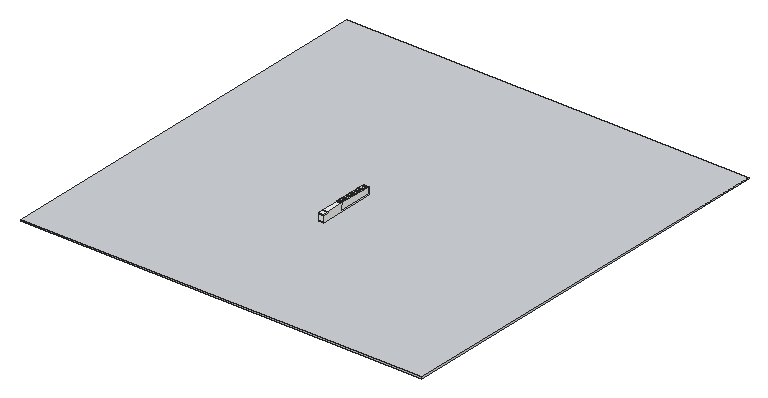
Revit family "Zumtobel SUI TG6", category Lighting Fixtures, host Face, Revit 2018
Family settings
  Host = Face
  Round Connector Dimension = Use Diameter
  Part Type = Normal
  OmniClass Number = 23.80.70.11
  OmniClass Title = Luminaries for Internal Lighting
  Cut with Voids When Loaded = No
  Light Source = Yes
  Shared = No
  Room Calculation Point = No
Parameters (values of type "SUI TG6 1000-940 LDO 3CY WWB BK WH")
  Width = 35 mm  # constant formula
  Wattage Comments = ""
  Wattage = 6.72537 W
  built-in parameter 1150110 = 1 (stored number, unit not read)
  Voltage = 230 V
  URL = "http://www.zumtobel.com/60211067"
  Type Comments = "© Zumtobel. We reserve the right to make technical changes without prior notice."  # constant formula
  built-in parameter 1114217 = 1 (stored number, unit not read)
  Tilt Angle = -90.00°  # constant formula
  built-in parameter 1150109 = 1 (stored number, unit not read)
  built-in parameter 1150134 = 12
  built-in parameter 1150113 = 1 (stored number, unit not read)
  Rotation [instance] = 0.00°
  Photometric Web File = "60211067_(STD_LEO).IES"
  Offset from Level [instance] = 0 mm
  Model = "60211067"
  Manufacturer = "Zumtobel Lighting"  # constant formula
  built-in parameter 1150105 = 947.25 (stored number, unit not read)
  Lumens = 999 lm
  built-in parameter 1150115 = 1 (stored number, unit not read)
  built-in parameter 1150137 = (empty or 0)
  built-in parameter 1150139 = (empty or 0)
  Length = 398 mm  # constant formula
  built-in parameter 1150112 = 1 (stored number, unit not read)
  built-in parameter 1150114 = 1 (stored number, unit not read)
  Lamp = "LED"
  built-in parameter 1150132 = 2
  built-in parameter 1150102 = (empty or 0)
  built-in parameter 1150107 = 4000 (stored number, unit not read)
  built-in parameter 1150138 = (empty or 0)
  built-in parameter 1150106 = 9.4725 (stored number, unit not read)
  Height = 79 mm  # constant formula
  built-in parameter 1150104 = 13.8 (stored number, unit not read)
  Dimming Lamp Color Temperature Shift = <None>
  Description = "LED luminaire"  # constant formula
  Default Elevation = 0 mm
  Reflector [instance] = Zumtobel_Metal_White
  Color Filter = 16777215
  Body [instance] = Zumtobel_Metal_White
  built-in parameter 1114218 = 1 (stored number, unit not read)
  built-in parameter 1150133 = 10 (stored number, unit not read)
  Assembly Code = "D5020200"
  Apparent Load = 21 VA
Types (4, lengths in mm): name | Wattage | URL | built-in parameter 1150134 | Rotation | Photometric Web File | Model | built-in parameter 1150105 | Lumens | built-in parameter 1150107 | built-in parameter 1150106 | Reflector | Apparent Load
  SUI TSG6 1700-930 LDO 3CY FL BK BK | 11.4446 W | "http://www.zumtobel.com/60211090" | (empty or 0) | 15.00° | "60211090_(STD_LEO).IES" | "60211090" | 135.28 (stored number, unit not read) | 1700 lm | 3000 (stored number, unit not read) | 1.3528 (stored number, unit not read) | Zumtobel_Metal_Black | 21 VA
  SUI TG6 1000-940 LDO 3CY WWB BK WH | 6.72537 W | "http://www.zumtobel.com/60211067" | 12 | 0.00° | "60211067_(STD_LEO).IES" | "60211067" | 947.25 (stored number, unit not read) | 999 lm | 4000 (stored number, unit not read) | 9.4725 (stored number, unit not read) | Zumtobel_Metal_White | 21 VA
  SUI TSG6 1700-930 SWI 3CV FL BK WH | 12.1178 W | "http://www.zumtobel.com/60211039" | (empty or 0) | 15.00° | "60211039_(STD_LEO).IES" | "60211039" | 143.24 (stored number, unit not read) | 1800 lm | 3000 (stored number, unit not read) | 1.4324 (stored number, unit not read) | Zumtobel_Metal_Black | 21 VA
  SUI TG6 2000-930 SWI 3CV FL BK WH | 13.4642 W | "http://www.zumtobel.com/60211029" | (empty or 0) | 15.00° | "60211029_(STD_LEO).IES" | "60211029" | 159.15 (stored number, unit not read) | 2000 lm | 3000 (stored number, unit not read) | 1.5915 (stored number, unit not read) | Zumtobel_Metal_Black | 25 VA
Reference planes
  plane 1 "Ceiling": z = 0
  plane 2 "Center (Left/Right)": x = 399.5
  plane 3 "Center (Front/Back)": y = 51.5
  plane 4 "Fixture": z = 0
  plane 5: z = 53
  plane 6 "Axis": y = 125.274
  plane 7: z = 30.012
Forms (mm)
  Extrusion 1, solid
    sketch origin (116.179, 575, 0) x (1, 0, 0) y (0, 1, 0)
      loop
        line (-1016.679, 1125) -> (-1016.679, -1737.29) -> (1803.321, -1737.29) -> (1803.321, 1125) -> (-1016.679, 1125)
    from 0 to -10
Lines and regions (mm)
  reference lines
    curve 1: line (399.5, 125.274, 30.012) -> (399.5, 125.274, 42.591)
    curve 2: line (399.5, 125.274, 42.591) -> (472.316, 125.274, 42.591)
Dimensions and locks
  locked: plane 5 to plane 4 "Fixture" at 53
  "Offset from Level": plane 1 "Ceiling" to plane 4 "Fixture"
  "Rotation": angle plane 2 "Center (Left/Right)" to curve 1
  aligned and locked: Extrusion 1 to plane 1 "Ceiling"
  aligned and locked: Extrusion 1 to level
  aligned and locked: nested 1 to plane 3 "Center (Front/Back)"
  aligned and locked: plane 7 to curve 1
  aligned and locked: plane 2 "Center (Left/Right)" to curve 1
  aligned and locked: imposter light to curve 2  (x2)
Automatic sketch dimensions
  Extrusion 1 sketch curve to Extrusion 1 sketch curve = 2820 mm
  Extrusion 1 sketch curve to Extrusion 1 sketch curve = 2862.29 mm
  curve 1 to curve 2 = 0 mm
  curve 1 to curve 2 = 12.579 mm
  curve 2 to curve 1 = 72.816 mm
Nested families
  nested 1: "Zumtobel SUI TG6 Body" at (0, 0, 0), Reflector <- "Reflector", Body <- "Body", Rotation <- "Rotation", type "Zumtobel SUI TG6 Body"
    with Rotation 0.00°, Reflector Zumtobel_Metal_White, Body Zumtobel_Metal_White
Connectors
  electrical at (399.5, 45.115, -25), driven by "Voltage", driven by "Apparent Load"
    settings: on nested 1, index 1, voltage 230 V, apparent load 21 VA, apparent load phase1 0 VA, apparent load phase2 0 VA, apparent load phase3 0 VA, power factor 1, load classification "Lighting", number of poles 1, system type 30, power factor state 1, is connector primary yes, connector utility no, sub classification motor no, connector description "Power"
Definition of nested family "Zumtobel SUI TG6 Body"
  Parameters (values of type "Zumtobel SUI TG6 Body")
    Width = 35 mm  # constant formula
    Wattage Comments = ""
    Voltage = 230 V
    URL = "http://www.zumtobel.com/60211029"
    Type Comments = "© Zumtobel. We reserve the right to make technical changes without prior notice."  # constant formula
    Rotation [instance] = 15.00°
    Model = "60211029"
    Manufacturer = "Zumtobel Lighting"  # constant formula
    Length = 398 mm  # constant formula
    Lamp = "LED"
    Height = 79 mm  # constant formula
    Description = "LED luminaire"  # constant formula
    Default Elevation = 0 mm
    Reflector [instance] = none
    Body [instance] = none
    Assembly Code = "D5020200"
    Apparent Load = 25 VA
  Reference planes
    plane 1 "Ceiling": z = 0
    plane 2 "Center (Left/Right)": x = 399.5
    plane 3: z = 50
    plane 4 "Center (Front/Back)": y = 51.5
    plane 5 "Back": y = 250.5
    plane 6 "Front": y = -147.5
    plane 7: z = -25
    plane 8: z = 53
    plane 9: z = 41.9
    plane 10: z = 39.9
    plane 11: z = 8.168
    plane 12: x = 382
    plane 13: x = 417
    plane 14: z = 25
    plane 15 "Axis": z = 30.012
    plane 16 "Axis 2": y = 125.35
  Forms (mm)
    Extrusion 1, solid
      sketch origin (116.179, 575, 0) x (1, 0, 0) y (0, 1, 0)
        loop
          line (-1016.679, 1125) -> (-1016.679, -1737.29) -> (1803.321, -1737.29) -> (1803.321, 1125) -> (-1016.679, 1125)
      from 0 to -10
    Extrusion 2, solid, material <- "Body"
      sketch origin (399.5, 0, 0) x (0, 0, -1) y (0, -1, 0)
        loop
          line (25, -237.731) -> (25, 147.5) -> (0, 147.5) -> (0, -237.731) -> (25, -237.731)
      from -8 to 8
    Extrusion 3, solid, material <- "Body"
      sketch origin (399.5, 0, 0) x (0, 0, -1) y (0, -1, 0)
        loop
          line (0, -250.5) -> (0, 147.5) -> (-41.9, 147.5) -> (-41.9, 112.284) -> (-50, 112.284) -> (-50, -12.816) -> (-8.168, -12.816) -> (-8.168, -237.731) -> (-50, -237.731) -> (-50, -250.5) -> (0, -250.5)
      from -17.5 to 17.5
    Extrusion 4, solid, material <- "Body"
      sketch origin (399.5, -21.199, 30.275) x (0, 0, -1) y (0, -1, 0)
        loop
          line (-19.725, 91.335) -> (-11.875, 91.335) -> (-11.875, 126.301) -> (-19.725, 126.301) -> (-19.725, 91.335)
      from -17.5 to 17.5
    Extrusion 5, solid, material <- "Body"
      sketch origin (0, 76.231, 0) x (1, 0, 0) y (0, 0, 1)
        loop
          line (384.057, 10.024) -> (414.943, 10.024) -> (414.943, 50) -> (384.057, 50) -> (384.057, 10.024)
      from -159.219 to -161.119
    Extrusion 6, solid, material <- "Body"
      sketch origin (0, -146.737, 0) x (1, 0, 0) y (0, 0, 1)
        loop
          line (384.057, 10.024) -> (414.943, 10.024) -> (414.943, 50) -> (384.057, 50) -> (384.057, 10.024)
      from -160.087 to -161.987
  Cuts and joins
    joined: Extrusion 5, Extrusion 6
  Lines and regions (mm)
    reference lines
      curve 1: line (399.5, 125.35, 30.012) -> (320.56, 125.35, 324.619)
      curve 2: line (399.5, 125.35, 30.012) -> (476.774, 125.35, 50.718)
  Dimensions and locks
    plane 8 to plane 3 to plane 15 "Axis" to plane 1 "Ceiling" = 3 mm locked, 19.988 mm locked, 30.012 mm locked
    locked: plane 1 "Ceiling" to plane 7 at 25
    "Rotation": angle plane 2 "Center (Left/Right)" to curve 1
    aligned and locked: Extrusion 1 to plane 1 "Ceiling"
    aligned and locked: Extrusion 1 to level
    aligned and locked: plane 15 "Axis" to curve 1
    aligned and locked: plane 2 "Center (Left/Right)" to curve 1
  Automatic sketch dimensions
    Extrusion 1 sketch curve to Extrusion 1 sketch curve = 2820 mm
    Extrusion 1 sketch curve to Extrusion 1 sketch curve = 2862.29 mm
    Extrusion 2 sketch curve to level = 0 mm
    Extrusion 2 sketch curve to plane 7 = 0 mm
    Extrusion 2 sketch curve to plane 6 "Front" = 0 mm
    Extrusion 2 sketch curve to plane 5 "Back" = 12.769 mm
    Extrusion 3 sketch curve to plane 3 = 0 mm  (x2)
    Extrusion 3 sketch curve to plane 9 = 0 mm
    plane 11 to Extrusion 3 sketch curve = 0 mm
    Extrusion 3 sketch curve to level = 0 mm
    Extrusion 3 sketch curve to plane 5 "Back" = 0 mm
    Extrusion 3 sketch curve to plane 6 "Front" = 0 mm
    Extrusion 3 sketch curve to plane 5 "Back" = 12.769 mm
    plane 4 "Center (Front/Back)" to Extrusion 3 sketch curve = 38.684 mm
    plane 6 "Front" to Extrusion 3 sketch curve = 35.216 mm
    Extrusion 4 sketch curve to plane 3 = 0 mm
    Extrusion 4 sketch curve to plane 6 "Front" = 0 mm
    plane 9 to Extrusion 4 sketch curve = 0.25 mm
    Extrusion 4 sketch curve to Extrusion 4 sketch curve = 34.966 mm
    Extrusion 5 sketch curve to plane 3 = 0 mm
    Extrusion 5 sketch curve to plane 12 = 2.057 mm
    plane 13 to Extrusion 5 sketch curve = 2.057 mm
    Extrusion 5 sketch curve to plane 11 = 1.856 mm
    Extrusion 6 sketch curve to plane 3 = 0 mm
    Extrusion 6 sketch curve to plane 12 = 2.057 mm
    plane 13 to Extrusion 6 sketch curve = 2.057 mm
    Extrusion 6 sketch curve to plane 11 = 1.856 mm
    curve 1 to curve 2 = 0 mm
    curve 2 to curve 1 = 0 mm
    curve 1 to curve 2 = 80 mm
  Nested families
    nested 1: "Zumtobel_TG6 Rotating_Part" at (399.5, 13.35, 30.012) x (0.9659, 0, 0.2588) z (-0.2588, 0, 0.9659), Body <- "Body", Reflector <- "Reflector", type "Zumtobel_TG6 Rotating_Part"
      with Reflector none, Body none
  Definition of nested family "Zumtobel_TG6 Rotating_Part"
    Parameters (values of type "Zumtobel_TG6 Rotating_Part")
      Reflector [instance] = none
      Default Elevation = 1219.2 mm
      Body [instance] = none
    Reference planes
      plane 1 "Center (Front/Back)": y = 0
      plane 2: z = 0
      plane 3 "Center (Left/Right)": x = 0
    Forms (mm)
      Extrusion 1, solid, material <- "Body"
        sketch origin (-399.5, -13.35, -29.275) x (1, 0, 0) y (0, 0, 1)
          loop
            line (382, 50) -> (382, 8.55) -> (417, 8.55) -> (417, 50) -> (414.943, 50) -> (414.943, 10.024) -> (384.057, 10.024) -> (384.057, 50) -> (382, 50)
        from -13.35 to -237.35
      Extrusion 2, solid, material <- "Reflector"
        sketch origin (-399.5, -13.35, -29.275) x (1, 0, 0) y (0, 1, 0)
          loop
            line (384.5, 52.85) -> (384.5, 22.85) -> (414.5, 22.85) -> (414.5, 52.85) -> (384.5, 52.85)
          loop
            line (384.5, 87.85) -> (384.5, 57.85) -> (414.5, 57.85) -> (414.5, 87.85) -> (384.5, 87.85)
          loop
            line (384.5, 122.85) -> (384.5, 92.85) -> (414.5, 92.85) -> (414.5, 122.85) -> (384.5, 122.85)
          loop
            line (384.5, 157.85) -> (384.5, 127.85) -> (414.5, 127.85) -> (414.5, 157.85) -> (384.5, 157.85)
          loop
            line (384.5, 192.85) -> (384.5, 162.85) -> (414.5, 162.85) -> (414.5, 192.85) -> (384.5, 192.85)
          loop
            line (384.5, 227.85) -> (384.5, 197.85) -> (414.5, 197.85) -> (414.5, 227.85) -> (384.5, 227.85)
        from 53 to 39.854
      Blend 3, void
        base sketch origin (-399.5, 339.5, 23.725) x (1, 0, 0) y (0, 1, 0)
          loop
            line (386.5, -127) -> (386.5, -153) -> (412.5, -153) -> (412.5, -127) -> (386.5, -127)
        top sketch origin (-399.5, 339.5, 23.725) x (1, 0, 0) y (0, 1, 0)
          loop
            line (390.027, -130.527) -> (390.027, -149.473) -> (408.973, -149.473) -> (408.973, -130.527) -> (390.027, -130.527)
        from 0 to -11.146
      Extrusion 4, void
        sketch origin (-399.5, 59.5, 12.579) x (-1, 0, 0) y (0, -1, 0)
          loop
            circle (-399.5, -140) r 9.473
          loop
            circle (-399.5, -105) r 9.473
          loop
            circle (-399.5, -70) r 9.473
          loop
            circle (-399.5, -35) r 9.473
          loop
            circle (-399.5, 0) r 9.473
          loop
            circle (-399.5, 35) r 9.473
        from 0 to -2
      Blend 5, void
        base sketch origin (-399.5, 304.5, 23.725) x (1, 0, 0) y (0, 1, 0)
          loop
            line (386.5, -127) -> (386.5, -153) -> (412.5, -153) -> (412.5, -127) -> (386.5, -127)
        top sketch origin (-399.5, 304.5, 23.725) x (1, 0, 0) y (0, 1, 0)
          loop
            line (390.027, -130.527) -> (390.027, -149.473) -> (408.973, -149.473) -> (408.973, -130.527) -> (390.027, -130.527)
        from 0 to -11.146
      Blend 6, void
        base sketch origin (-399.5, 269.5, 23.725) x (1, 0, 0) y (0, 1, 0)
          loop
            line (386.5, -127) -> (386.5, -153) -> (412.5, -153) -> (412.5, -127) -> (386.5, -127)
        top sketch origin (-399.5, 269.5, 23.725) x (1, 0, 0) y (0, 1, 0)
          loop
            line (390.027, -130.527) -> (390.027, -149.473) -> (408.973, -149.473) -> (408.973, -130.527) -> (390.027, -130.527)
        from 0 to -11.146
      Blend 7, void
        base sketch origin (-399.5, 234.5, 23.725) x (1, 0, 0) y (0, 1, 0)
          loop
            line (386.5, -127) -> (386.5, -153) -> (412.5, -153) -> (412.5, -127) -> (386.5, -127)
        top sketch origin (-399.5, 234.5, 23.725) x (1, 0, 0) y (0, 1, 0)
          loop
            line (390.027, -130.527) -> (390.027, -149.473) -> (408.973, -149.473) -> (408.973, -130.527) -> (390.027, -130.527)
        from 0 to -11.146
      Blend 8, void
        base sketch origin (-399.5, 199.5, 23.725) x (1, 0, 0) y (0, 1, 0)
          loop
            line (386.5, -127) -> (386.5, -153) -> (412.5, -153) -> (412.5, -127) -> (386.5, -127)
        top sketch origin (-399.5, 199.5, 23.725) x (1, 0, 0) y (0, 1, 0)
          loop
            line (390.027, -130.527) -> (390.027, -149.473) -> (408.973, -149.473) -> (408.973, -130.527) -> (390.027, -130.527)
        from 0 to -11.146
      Blend 9, void
        base sketch origin (-399.5, 164.5, 23.725) x (1, 0, 0) y (0, 1, 0)
          loop
            line (386.5, -127) -> (386.5, -153) -> (412.5, -153) -> (412.5, -127) -> (386.5, -127)
        top sketch origin (-399.5, 164.5, 23.725) x (1, 0, 0) y (0, 1, 0)
          loop
            line (390.027, -130.527) -> (390.027, -149.473) -> (408.973, -149.473) -> (408.973, -130.527) -> (390.027, -130.527)
        from 0 to -11.146
      Extrusion 10, solid
        sketch origin (-399.5, 59.5, 12.579) x (-1, 0, 0) y (0, -1, 0)
          loop
            circle (-399.5, -140) r 9.473
          loop
            circle (-399.5, -105) r 9.473
          loop
            circle (-399.5, -70) r 9.473
          loop
            circle (-399.5, -35) r 9.473
          loop
            circle (-399.5, 0) r 9.473
          loop
            circle (-399.5, 35) r 9.473
        from 0 to -2
      Extrusion 11, solid, material <- "Body"
        sketch origin (-399.5, 62.881, -29.275) x (1, 0, 0) y (0, 0, 1)
          loop
            line (384.057, 10.024) -> (414.943, 10.024) -> (414.943, 50) -> (384.057, 50) -> (384.057, 10.024)
        from -159.219 to -161.119
      Extrusion 12, solid, material <- "Body"
        sketch origin (-399.5, -160.087, -29.275) x (1, 0, 0) y (0, 0, 1)
          loop
            line (384.057, 10.024) -> (414.943, 10.024) -> (414.943, 50) -> (384.057, 50) -> (384.057, 10.024)
        from -160.087 to -161.987
    Cuts and joins
      Blend 3, Extrusion 4, Blend 5, Blend 6, Blend 7, Blend 8, Blend 9 cuts Extrusion 2
      joined: Extrusion 1, Extrusion 12
    Dimensions and locks
      aligned and locked: level to plane 2
      aligned and locked: Extrusion 2 to Extrusion 4
